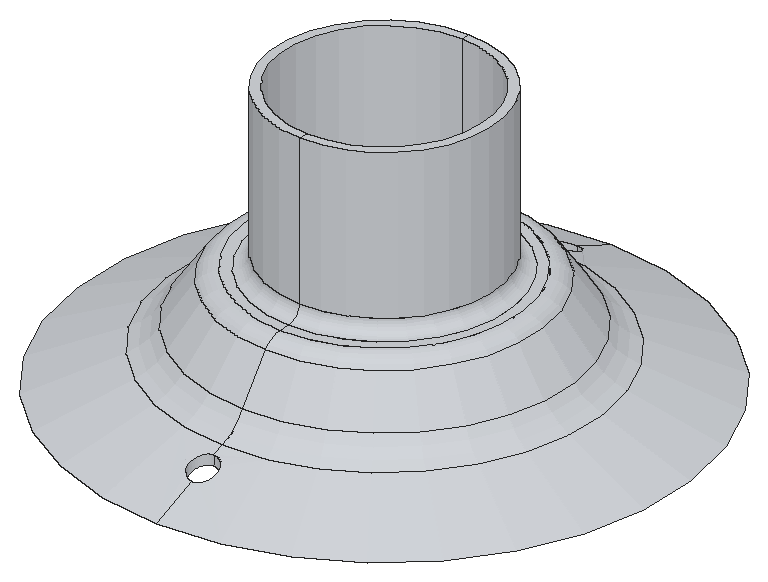
Revit family "DC1G", category Generic Models, Revit 2017
Family settings
  Can host rebar = No
  Round Connector Dimension = Use Diameter
  Part Type = Normal
  Work Plane-Based = Yes
  Always vertical = No
  Cut with Voids When Loaded = No
  Shared = No
  Room Calculation Point = No
Parameters (values of type "NBS Standard Parameters")
  Weight = "0.0598Kg"
  WarrantyStartDate [instance] = "1900-12-31T23:59:59"
  WarrantyGuarantorParts = "n/a"
  WarrantyGuarantorLabor = "n/a"
  WarrantyDurationUnit = "1 year"
  WarrantyDurationParts = "n/a"
  WarrantyDurationLabor = "n/a"
  WarrantyDescription = "n/a"
  Version = "1"
  Uniclass2 = "Pr_65_70_11_20"
  TagNumber [instance] = "n/a"
  SustainabilityPerformance = "n/a"
  Size = "20mm"
  Shape = "Circular"
  SerialNumber [instance] = "n/a"
  Revision = "n/a"
  ReplacementCost = "n/a"
  ProductInformation = "www.metpro.co.uk/pdf/dc1g.pdf"
  NominalWidth = 63 mm
  NominalLength = 63 mm
  NominalHeight = 29.5 mm
  Name = ""
  NBSTypeID = ""
  NBSReference = "90-55-10/460"
  NBSOfficeMasterTag = ""
  NBSNote = ""
  NBSDescription = "Conduit Fittings"
  NBSCertification = ""
  ModelReference = "DC1G"
  ModelNumber = "n/a"
  Material = "Pressed Steel"
  ManufacturerURL = "www.metpro.co.uk"
  ManufacturerName = "Metpro Ltd"
  Keynote = "Compliant to LU Standard 1-085"
  InstallationDate [instance] = "1900-12-31T23:59:59"
  IfcExportType = ""
  IfcExportAs = ""
  Grade = "n/a"
  Finish = "BZP"
  Features = "n/a"
  ExpectedLife = "n/a"
  DurationUnit = "year"
  Description = "DC1G  20mm Dome Cover"
  Default Elevation = 1219.2 mm
  Constituents = "n/a"
  Color = "n/a"
  CodePerformance = "n/a"
  Category = "n/a"
  BarCode [instance] = "n/a"
  BIMObjectName = "Metpro_Metprolibrary_Conduitfittings_Metalcomponents_steelaccessories"
  Author = "Metpro Limited"
  AssetType = ""
  AssetIdentifier [instance] = "n/a"
  AccessibilityPerformance = "n/a"
Reference planes
  plane 1 "Center (Front/Back)": y = 0
  plane 2: z = 0
  plane 3 "Center (Left/Right)": x = 0
Forms (mm)
  Revolve 1, solid
    sketch origin (-11.741, -7.188, 21.127) x (0, -1, 0) y (0, 0, -1)
      loop
        line (29.398, 11.449) -> (22.359, 8.528)
        arc (22.359, 8.528) -> (20.485, 7.418) -> (18.997, 5.828) r 7.713
        line (18.997, 5.828) -> (15.825, 1.298)
        arc (15.825, 1.298) -> (15.271, 0.813) -> (14.556, 0.638) r 1.549
        line (14.556, 0.638) -> (13.397, 0.638)
        arc (13.397, 0.638) -> (11.629, -0.095) -> (10.897, -1.862) r 2.5
        line (10.897, -1.862) -> (10.897, -18.551) -> (11.897, -18.551) -> (11.897, -1.862)
        arc (11.897, -1.862) -> (12.336, -0.802) -> (13.397, -0.362) r 1.5
        line (13.397, -0.362) -> (14.556, -0.362)
        arc (14.556, -0.362) -> (15.733, -0.074) -> (16.644, 0.725) r 2.549
        line (16.644, 0.725) -> (19.816, 5.255)
        arc (19.816, 5.255) -> (21.112, 6.638) -> (22.742, 7.605) r 6.713
        line (22.742, 7.605) -> (32.008, 11.449) -> (29.398, 11.449)
      axis (0, -18.551) -> (0, 11.449)
    angle from 0 to 360
  Extrusion 2, void
    sketch origin (-11.741, -7.188, 39.678) x (0, -1, 0) y (-1, 0, 0)
      loop
        circle (25.468, 0) r 1.543
      loop
        circle (-25.468, 0) r 1.543
    from 22.724 to 36.518
Cuts and joins
  Extrusion 2 cuts Revolve 1
Dimensions and locks
  aligned and locked: level to plane 2
